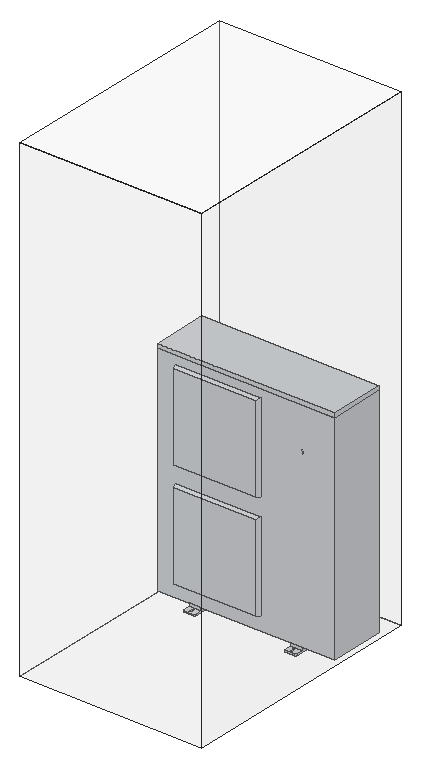
Revit family "pusy-hp80_160mh4_60hz", category 機械設備, Revit 2019
Family settings
  丸型コネクタ寸法 = 直径を使用
  パーツ タイプ = 標準
  OmniClass 番号 = 23.75.10.24.21.27.27
  OmniClass タイトル = Split System Air Conditioning Units
  作業面ベース = いいえ
  常に垂直 = はい
  ロード時にボイドで切り取り = いいえ
  共有 = いいえ
  部屋計算ポイント = いいえ
Parameters (values of type "室外機_PUSY-HP80MH4(-BS,BSG)")
  音響パワーレベル（冷）(dB) = 70
  音響パワーレベル(dB) = 70
  電源種別 = ""
  電源位置Y = 2 mm
  電源位置Z = 1062 mm
  電源位置X = 325 mm
  電圧 = 200 V
  電動機出力_送風機 = 0.12 kW
  電動機出力_圧縮機 = 1.98 kW
  集中コントローラ [instance] = ""
  運転質量 = 0.00 kg
  運転方法 = "冷暖切替"
  質量 = if(製品質量 > 運転質量, 製品質量, 運転質量) * 1.2  # 146.40 kg
  負荷分類 = 1_熱源類
  説明 = "空冷H/P PAC インバータ室外機"
  設計暖房能力 [instance] = 0 kW
  設計冷房能力_顕熱 [instance] = 0 kW
  設計冷房能力 [instance] = 0 kW
  設置方法 = "床置形"
  記号 [instance] = ""
  製造元 = "三菱電機株式会社"
  製品質量 = 122.00 kg
  製品出荷対象 = "国内"
  製品リリース年月 = "2022/9/15"
  製品グループ = ""
  系統 [instance] = ""
  符号 = "PAC"
  積算_科目 = "1 空気調和設備"
  積算_拾い区分 [instance] = ""
  相 = 3
  盤記号 [instance] = ""
  発停方法 = "付属スイッチ"
  特殊仕様 [instance] = ""
  消費電力_暖房 = 2.01 kW
  消費電力_冷房 = 1.81 kW
  消費電力 = if(消費電力_冷房 > 消費電力_暖房, 消費電力_冷房, 消費電力_暖房)  # 2.01 kW
  法定耐用年数 = "6"
  構成品番 = "PUSY-HP80MH4 (-BS,-BSG)"
  極数 = 3
  材質 [instance] = ""
  本体マテリアル = none
  最小電線太さ_mm2 = 5.5
  最大電流値 = 28 A
  暖房能力 = 9 kW
  推奨ブレーカー容量 = 30 A
  据付ピッチ1 = 0 mm
  形式 = "パッケージ形 室外機"
  形名 = PUZ-ZRMP-3 : PUZ-ZRMP112KA11
  幹線記号 [instance] = ""
  始動方式 = "インバータ始動方式"
  呼称 = "パッケージ形空気調和機_室外機"
  周波数 = 60 Hz
  冷媒管（液）位置Z = 485 mm
  冷媒管位置Z_上面 = 565 mm
  冷媒管（ガス）位置Z = 420 mm
  冷媒液管_半径 = (冷媒液管径) / 2  # 4.76 mm
  冷媒ガス管_半径 = (冷媒ガス管径) / 2  # 7.94 mm
  価格 = 0
  ドレン　位置Z = 23 mm
  ドレン　位置Y = 11 mm
  ドレン　位置X = 480 mm
  アンカーボルト位置Y = 370 mm
  アンカーボルト位置X = 600 mm
  参照している仕様書等のバージョン = "公共建築物標準仕様書（機械設備工事編）平成31年度版"
  分類コード = "50053003126100"
  分類グループ = ""
  冷房能力 = 8 kW
  冷媒管（ガス）位置X = 483 mm
  冷媒管（液）位置X = 427 mm
  冷媒管（液）位置Y = 125 mm
  冷媒管（ガス）位置Y = 109 mm
  冷媒管長 [instance] = 0 mm
  冷媒管径符号 = "Bd"
  冷媒管径 = 100.00 mm
  冷媒管位置Z = 420 mm
  冷媒管位置Y = 111 mm
  冷媒管位置X = (冷媒管（液）位置X + 冷媒管（ガス）位置X) / 2  # 455 mm
  冷媒液管径 = 9.52 mm
  冷媒ガス管径 = 15.88 mm
  企業コード = "108420"
  付属品 [instance] = ""
  仕様書バージョン = "Version1.0"
  ユニット数 = 1
  ユニット3 = yes
  ユニット2 = yes
  Model = ""
  ドレン管径 = 33.00 mm
  サービススペース = yes
  コメント [instance] = ""
  ケーブル種類1 = ""
  【値が 0 の項目は組合せ形名にてご確認ください】 = ""
  Width = 1050 mm
  Version = ""
  Uniclass2015Version = "Systems v1.9"
  Uniclass2015Title = "Split coil remote air cooled condensing units"
  Uniclass2015Code = "Pr_70_65_03_84"
  URL = "https://www.mitsubishielectric.co.jp/ldg/wink/ssl/displayProduct.do?pid=321193"
  SpecificationReference = ""
  SpecificationDescription = ""
  Revision = ""
  ProductInformation = ""
  OmniClassCode = "23-33 17 13 11"
  IfcTypeProduct = ""
  IfcProduct = ""
  IfcExportType = "AIRCONDITIONINGUNIT"
  IfcExportAs = "IfcUnitaryEquipmentType"
  Height = 1338 mm
  Depth = 330 mm
  Clearance Top = 1500 mm
  Clearance Right = 15 mm
  Clearance Left = 15 mm
  Clearance Front = 1000 mm
  Clearance Bottom = 0 mm
  Clearance Back = 150 mm
  COP = 0
  Author = "三菱電機株式会社"
  APF = 0
Reference planes
  plane 1 "中心(正面/背面)": y = 74
  plane 2: z = 0
  plane 3 "中心(左/右)": x = 830
  plane 4 "右": x = 1355
  plane 5 "左": x = 305
  plane 6 "背面": y = 239
  plane 7 "正面": y = -91
  plane 8 "上部": z = 1338
  plane 9 "Clearanse Top": z = 2838
  plane 10 "SS_back": y = 389
  plane 11 "SS_front": y = -1091
  plane 12 "SS_left": x = 290
  plane 13 "SS_right": x = 1370
  plane 14: z = 0
  plane 15: y = -89
  plane 16: x = 1155
  plane 17: z = 1062
  plane 18: x = 1285
  plane 19: y = 63
  plane 20: x = 350
  plane 21: z = 25
  plane 22: z = 23
  plane 23: x = 530
  plane 24: x = 1130
  plane 25: y = 259
  plane 26: y = -111
  plane 27: x = 1313
  plane 28: x = 1257
  plane 29 "ガス管": z = 420
  plane 30 "液管": z = 485
  plane 31: y = -51
  plane 32: y = -35
  plane 33 "冷媒管": z = 420
  plane 34: y = -37
  plane 35: z = 565
Forms (mm)
  Extrusion 1, solid, detail levels fine
    sketch origin (0, -91, 0) x (1, 0, 0) y (0, 0, 1)
      loop
        circle (1155, 1062) r 13.5
    from -12 to -2
  Extrusion 2, solid, detail levels fine
    sketch origin (-1437.329, -1524, 54) x (-1, 0, 0) y (0, -1, 0)
      loop
        circle (-1787.329, -1587) r 16.5
    from -31 to -29
  Extrusion 3, solid, detail levels fine
    sketch origin (5, 0, 485) x (-1, 0, 0) y (0, -1, 0)
      loop
        circle (-1252, 51) r 4.76
    from 0 to 80
  Extrusion 4, solid, detail levels fine
    sketch origin (0, 0, 420) x (-1, 0, 0) y (0, -1, 0)
      loop
        circle (-1313, 35) r 7.94
    from 0 to 100
  Extrusion 5, solid, detail levels fine
    sketch origin (0, 0, 420) x (-1, 0, 0) y (0, -1, 0)
      loop
        circle (-1285, 37) r 50
    from 0 to 145
Lines and regions (mm)
  model lines, not visible
    curve 1: line (460, 178.667, 1289.179) -> (460, 297.73, 1289.179)
    curve 2: line (460, 178.667, 1056.056) -> (460, 178.667, 1289.179)
    curve 3: line (460, 297.73, 1056.056) -> (460, 178.667, 1056.056)
    curve 4: line (460, 297.73, 1289.179) -> (460, 297.73, 1056.056)
    curve 5: line (460, 47.598, 1289.179) -> (460, 166.661, 1289.179)
    curve 6: line (460, 47.598, 1056.056) -> (460, 47.598, 1289.179)
    curve 7: line (460, 166.661, 1056.056) -> (460, 47.598, 1056.056)
    curve 8: line (460, 166.661, 1289.179) -> (460, 166.661, 1056.056)
    curve 9: line (460, -83.471, 1289.179) -> (460, 35.592, 1289.179)
    curve 10: line (460, -83.471, 1056.056) -> (460, -83.471, 1289.179)
    curve 11: line (460, 35.592, 1056.056) -> (460, -83.471, 1056.056)
    curve 12: line (460, 35.592, 1289.179) -> (460, 35.592, 1056.056)
    curve 13: line (460, -150.779, 1289.179) -> (460, -95.75, 1289.179)
    curve 14: line (460, -150.779, 1056.056) -> (460, -150.779, 1289.179)
    curve 15: line (460, -95.75, 1056.056) -> (460, -150.779, 1056.056)
    curve 16: line (460, -95.75, 1289.179) -> (460, -95.75, 1056.056)
    curve 17: line (460, -150.779, 1283.175) -> (460, -132.596, 1283.175)
    curve 18: line (460, -150.779, 1062.059) -> (460, -150.779, 1283.175)
    curve 19: line (460, -132.596, 1062.059) -> (460, -150.779, 1062.059)
    curve 20: line (460, -132.596, 1283.175) -> (460, -132.596, 1062.059)
    curve 21: line (460, 178.667, 1046.051) -> (460, 297.73, 1046.051)
    curve 22: line (460, 178.667, 812.928) -> (460, 178.667, 1046.051)
    curve 23: line (460, 297.73, 812.928) -> (460, 178.667, 812.928)
    curve 24: line (460, 297.73, 1046.051) -> (460, 297.73, 812.928)
    curve 25: line (460, 47.598, 1046.051) -> (460, 166.661, 1046.051)
    curve 26: line (460, 47.598, 812.928) -> (460, 47.598, 1046.051)
    curve 27: line (460, 166.661, 812.928) -> (460, 47.598, 812.928)
    curve 28: line (460, 166.661, 1046.051) -> (460, 166.661, 812.928)
    curve 29: line (460, -83.471, 1046.051) -> (460, 35.592, 1046.051)
    curve 30: line (460, -83.471, 812.928) -> (460, -83.471, 1046.051)
    curve 31: line (460, 35.592, 812.928) -> (460, -83.471, 812.928)
    curve 32: line (460, 35.592, 1046.051) -> (460, 35.592, 812.928)
    curve 33: line (460, -150.779, 1046.051) -> (460, -95.75, 1046.051)
    curve 34: line (460, -150.779, 812.928) -> (460, -150.779, 1046.051)
    curve 35: line (460, -95.75, 812.928) -> (460, -150.779, 812.928)
    curve 36: line (460, -95.75, 1046.051) -> (460, -95.75, 812.928)
    curve 37: line (460, -150.779, 1040.048) -> (460, -132.596, 1040.048)
    curve 38: line (460, -150.779, 818.931) -> (460, -150.779, 1040.048)
    curve 39: line (460, -132.596, 818.931) -> (460, -150.779, 818.931)
    curve 40: line (460, -132.596, 1040.048) -> (460, -132.596, 818.931)
    curve 41: line (460, 178.667, 802.923) -> (460, 297.73, 802.923)
    curve 42: line (460, 178.667, 569.8) -> (460, 178.667, 802.923)
    curve 43: line (460, 297.73, 569.8) -> (460, 178.667, 569.8)
    curve 44: line (460, 297.73, 802.923) -> (460, 297.73, 569.8)
    curve 45: line (460, 47.598, 802.923) -> (460, 166.661, 802.923)
    curve 46: line (460, 47.598, 569.8) -> (460, 47.598, 802.923)
    curve 47: line (460, 166.661, 569.8) -> (460, 47.598, 569.8)
    curve 48: line (460, 166.661, 802.923) -> (460, 166.661, 569.8)
    curve 49: line (460, -83.471, 802.923) -> (460, 35.592, 802.923)
    curve 50: line (460, -83.471, 569.8) -> (460, -83.471, 802.923)
    curve 51: line (460, 35.592, 569.8) -> (460, -83.471, 569.8)
    curve 52: line (460, 35.592, 802.923) -> (460, 35.592, 569.8)
    curve 53: line (460, -150.779, 802.923) -> (460, -95.75, 802.923)
    curve 54: line (460, -150.779, 569.8) -> (460, -150.779, 802.923)
    curve 55: line (460, -95.75, 569.8) -> (460, -150.779, 569.8)
    curve 56: line (460, -95.75, 802.923) -> (460, -95.75, 569.8)
    curve 57: line (460, -150.779, 796.92) -> (460, -132.596, 796.92)
    curve 58: line (460, -150.779, 575.803) -> (460, -150.779, 796.92)
    curve 59: line (460, -132.596, 575.803) -> (460, -150.779, 575.803)
    curve 60: line (460, -132.596, 796.92) -> (460, -132.596, 575.803)
    curve 61: line (460, 178.667, 559.795) -> (460, 297.73, 559.795)
    curve 62: line (460, 178.667, 326.672) -> (460, 178.667, 559.795)
    curve 63: line (460, 297.73, 326.672) -> (460, 178.667, 326.672)
    curve 64: line (460, 297.73, 559.795) -> (460, 297.73, 326.672)
    curve 65: line (460, 47.598, 559.795) -> (460, 166.661, 559.795)
    curve 66: line (460, 47.598, 326.672) -> (460, 47.598, 559.795)
    curve 67: line (460, 166.661, 326.672) -> (460, 47.598, 326.672)
    curve 68: line (460, 166.661, 559.795) -> (460, 166.661, 326.672)
    curve 69: line (460, -83.471, 559.795) -> (460, 35.592, 559.795)
    curve 70: line (460, -83.471, 326.672) -> (460, -83.471, 559.795)
    curve 71: line (460, 35.592, 326.672) -> (460, -83.471, 326.672)
    curve 72: line (460, 35.592, 559.795) -> (460, 35.592, 326.672)
    curve 73: line (460, -150.779, 559.795) -> (460, -95.75, 559.795)
    curve 74: line (460, -150.779, 326.672) -> (460, -150.779, 559.795)
    curve 75: line (460, -95.75, 326.672) -> (460, -150.779, 326.672)
    curve 76: line (460, -95.75, 559.795) -> (460, -95.75, 326.672)
    curve 77: line (460, -150.779, 553.792) -> (460, -132.596, 553.792)
    curve 78: line (460, -150.779, 332.675) -> (460, -150.779, 553.792)
    curve 79: line (460, -132.596, 332.675) -> (460, -150.779, 332.675)
    curve 80: line (460, -132.596, 553.792) -> (460, -132.596, 332.675)
    curve 81: line (460, 178.667, 316.667) -> (460, 297.73, 316.667)
    curve 82: line (460, 178.667, 83.544) -> (460, 178.667, 316.667)
    curve 83: line (460, 297.73, 83.544) -> (460, 178.667, 83.544)
    curve 84: line (460, 297.73, 316.667) -> (460, 297.73, 83.544)
    curve 85: line (460, 47.598, 316.667) -> (460, 166.661, 316.667)
    curve 86: line (460, 47.598, 83.544) -> (460, 47.598, 316.667)
    curve 87: line (460, 166.661, 83.544) -> (460, 47.598, 83.544)
    curve 88: line (460, 166.661, 316.667) -> (460, 166.661, 83.544)
    curve 89: line (460, -83.471, 316.667) -> (460, 35.592, 316.667)
    curve 90: line (460, -83.471, 83.544) -> (460, -83.471, 316.667)
    curve 91: line (460, 35.592, 83.544) -> (460, -83.471, 83.544)
    curve 92: line (460, 35.592, 316.667) -> (460, 35.592, 83.544)
    curve 93: line (460, -150.779, 316.667) -> (460, -95.75, 316.667)
    curve 94: line (460, -150.779, 83.544) -> (460, -150.779, 316.667)
    curve 95: line (460, -95.75, 83.544) -> (460, -150.779, 83.544)
    curve 96: line (460, -95.75, 316.667) -> (460, -95.75, 83.544)
    curve 97: line (460, -150.779, 310.664) -> (460, -132.596, 310.664)
    curve 98: line (460, -150.779, 89.547) -> (460, -150.779, 310.664)
    curve 99: line (460, -132.596, 89.547) -> (460, -150.779, 89.547)
    curve 100: line (460, -132.596, 310.664) -> (460, -132.596, 89.547)
Dimensions and locks
  equal spacing: plane 7 "正面", plane 1 "中心(正面/背面)", plane 6 "背面"
  "Depth": plane 7 "正面" to plane 6 "背面"
  "Width": plane 5 "左" to plane 4 "右"
  equal spacing: plane 5 "左", plane 3 "中心(左/右)", plane 4 "右"
  "Clearance Left": plane 12 "SS_left" to plane 5 "左"
  "Clearance Right": plane 4 "右" to plane 13 "SS_right"
  "Clearance Back": plane 6 "背面" to plane 10 "SS_back"
  "Clearance Front": plane 11 "SS_front" to plane 7 "正面"
  "Height": plane 8 "上部" to level
  "Clearance Top": plane 9 "Clearanse Top" to plane 8 "上部"
  "Clearance Bottom": level to plane 14
  "電源位置X": plane 3 "中心(左/右)" to plane 16
  "電源位置Y": plane 7 "正面" to plane 15
  "電源位置Z": plane 17 to level
  locked: plane 21 to plane 22 at 2
  equal spacing: plane 26, plane 1 "中心(正面/背面)", plane 25
  "アンカーボルト位置Y": plane 26 to plane 25
  equal spacing: plane 23, plane 3 "中心(左/右)", plane 24
  "アンカーボルト位置X": plane 23 to plane 24
  "冷媒管（ガス）位置X": nested 1 to plane 27
  "ドレン　位置Y": plane 19 to plane 1 "中心(正面/背面)"
  "ドレン　位置X": plane 20 to nested 1
  plane 25 to nested 2 = 19 mm
  nested 2 to plane 7 "正面" = 25 mm
  plane 5 "左" to plane 23 = 225 mm
  nested 2 to plane 26 = 28 mm
  nested 2 to nested 2 = 417 mm
  plane 7 "正面" to plane 19 = 154 mm
  plane 7 "正面" to plane 31 = 40 mm
  plane 7 "正面" to plane 32 = 56 mm
  plane 28 to plane 18 to plane 27 = 28 mm, 28 mm
  "冷媒管（ガス）位置Y": plane 32 to plane 1 "中心(正面/背面)"
  "冷媒管（液）位置Y": plane 31 to plane 1 "中心(正面/背面)"
  "冷媒管（ガス）位置Z": plane 29 "ガス管" to level
  "冷媒管（液）位置Z": plane 30 "液管" to level
  "冷媒管位置Z": plane 33 "冷媒管" to level
  "冷媒管位置Y": plane 34 to plane 1 "中心(正面/背面)"
  "冷媒管位置Z_上面": plane 35 to level
  "冷媒管（液）位置X": nested 1 to plane 28
  "冷媒管位置X": nested 1 to plane 18
  plane 28 to plane 27 = 56 mm
  radius of Extrusion 1 sketch curve = 13.5 mm
  "ドレン管径": diameter of Extrusion 2 sketch curve
  "冷媒液管_半径": radius of Extrusion 3 sketch curve
  "冷媒ガス管_半径": radius of Extrusion 4 sketch curve
  aligned and locked: level to plane 2
  aligned and locked: plane 10 "SS_back" to nested 1  (x2)
  aligned and locked: plane 13 "SS_right" to nested 1
  aligned and locked: plane 12 "SS_left" to nested 1  (x2)
  aligned and locked: nested 1 to plane 13 "SS_right"
  aligned and locked: plane 11 "SS_front" to nested 1
  aligned and locked: plane 9 "Clearanse Top" to nested 1
  aligned and locked: plane 1 "中心(正面/背面)" to nested 2
  aligned and locked: plane 3 "中心(左/右)" to nested 2
  aligned and locked: plane 14 to nested 1
  aligned and locked: plane 17 to Extrusion 1 sketch curve
  aligned and locked: plane 16 to Extrusion 1 sketch curve
  aligned and locked: plane 15 to Extrusion 1
  aligned and locked: plane 20 to Extrusion 2 sketch curve
  aligned and locked: plane 19 to Extrusion 2 sketch curve
  aligned and locked: plane 21 to Extrusion 2
  aligned and locked: Extrusion 2 to plane 22
  aligned and locked: plane 23 to nested 3
  aligned and locked: plane 25 to nested 3
  aligned and locked: Extrusion 4 to plane 29 "ガス管"
  aligned and locked: Extrusion 3 to plane 30 "液管"
  aligned and locked: Extrusion 5 to plane 33 "冷媒管"
  aligned and locked: plane 35 to Extrusion 5
Automatic sketch dimensions
  Extrusion 5 sketch curve to plane 18 = 0 mm
  plane 34 to Extrusion 5 sketch curve = 0 mm
  Extrusion 3 sketch curve to plane 28 = 0 mm
  plane 31 to Extrusion 3 sketch curve = 0 mm
  Extrusion 4 sketch curve to plane 27 = 0 mm
  plane 32 to Extrusion 4 sketch curve = 0 mm
  radius of Extrusion 5 sketch curve = 50 mm
Nested families
  nested 1: "サービススペース" at (830, -351, 1419), visible <- "サービススペース", type "サービススペース"
    with Width 1080 mm, Height 2838 mm, Depth 1480 mm
  nested 2: "PUZ-ZRMP-3" at (830, 74, 0), type <- "形名", type "PUZ-ZRMP112KA11"
  nested 3: "固定点" at (530, -111, 0), type "固定点"
    with W 600 mm, D 370 mm
Connectors
  electrical at (1155, -89, 1062), driven by "極数", driven by "負荷分類", driven by "電圧", driven by "消費電力"
    settings: on Extrusion 1, index 2, voltage 200 V, apparent load 2010 VA, apparent load phase1 0 VA, apparent load phase2 0 VA, apparent load phase3 0 VA, power factor 1, load classification "1_熱源類", number of poles 3, system type 30, power factor state 1, is connector primary yes, connector utility no, sub classification motor no, connector description ""
  piping at (1285, -37, 420), diameter 100, driven by "冷媒管径"
    settings: on Extrusion 5, index 3, connector inside diameter 609.60 mm, connector length 0 mm, flow factor 0, pipe flow 0.0 L/s, pressure drop 0.0 Pa, fitting loss kfactor 0, connector angle 0.00°, fixture units 0, engagement length 0 mm, angle of deflection 0.00°, flow configuration 1, flow direction 2, fitting loss method 4, system type 7, joint type 0, gender type 0, connector reference index -1, connector utility 0, adjustable connector no, is connector primary yes, connector description "Bd"
Definition of nested family "サービススペース"
  Parameters (values of type "サービススペース")
    Width [instance] = 500 mm
    Height [instance] = 500 mm
    Depth [instance] = 500 mm
  Reference planes
    plane 1 "中心(正面/背面)": y = 0
    plane 2: z = 0
    plane 3 "中心(左/右)": x = 0
    plane 4: y = -250
    plane 5: x = 250
    plane 6: y = 250
    plane 7: x = -250
    plane 8: z = 250
    plane 9: z = -250
  Forms (mm)
    Extrusion 1, solid
      sketch origin (-638.939, 0, 72.39) x (1, 0, 0) y (0, 1, 0)
        loop
          line (388.939, 250) -> (388.939, -250) -> (888.939, -250) -> (888.939, 250) -> (388.939, 250)
      from -322.39 to 177.61
  Lines and regions (mm)
    symbolic lines
      curve 1: line (-250, 0, 250) -> (250, 0, 250)
      curve 2: line (-250, 0, -250) -> (-250, 0, 250)
      curve 3: line (250, 0, -250) -> (-250, 0, -250)
      curve 4: line (250, 0, 250) -> (250, 0, -250)
      curve 5: line (0, -250, 250) -> (0, 250, 250)
      curve 6: line (0, -250, -250) -> (0, -250, 250)
      curve 7: line (0, 250, -250) -> (0, -250, -250)
      curve 8: line (0, 250, 250) -> (0, 250, -250)
      curve 9: line (-250, 250, 0) -> (250, 250, 0)
      curve 10: line (-250, -250, 0) -> (-250, 250, 0)
      curve 11: line (250, -250, 0) -> (-250, -250, 0)
      curve 12: line (250, 250, 0) -> (250, -250, 0)
  Dimensions and locks
    equal spacing: plane 7, plane 3 "中心(左/右)", plane 5
    equal spacing: plane 4, plane 1 "中心(正面/背面)", plane 6
    "Depth": plane 4 to plane 6
    "Width": plane 7 to plane 5
    equal spacing: plane 8, plane 2, plane 9
    "Height": plane 8 to plane 9
    aligned and locked: plane 9 to curve 3
    aligned and locked: plane 7 to curve 2
    aligned and locked: curve 4 to plane 5
    aligned and locked: plane 5 to Extrusion 1
    aligned and locked: Extrusion 1 to plane 7
    aligned and locked: Extrusion 1 to plane 9
    aligned and locked: plane 8 to Extrusion 1
    aligned and locked: plane 9 to curve 7
  Automatic sketch dimensions
    plane 4 to Extrusion 1 sketch curve = 0 mm
    Extrusion 1 sketch curve to plane 7 = 0 mm
    Extrusion 1 sketch curve to plane 5 = 0 mm
    plane 6 to Extrusion 1 sketch curve = 0 mm
    curve 2 to plane 8 = 0 mm
    plane 4 to curve 11 = 0 mm
    curve 11 to plane 7 = 0 mm
    curve 11 to plane 5 = 0 mm
    plane 6 to curve 10 = 0 mm
    curve 7 to plane 4 = 0 mm
    curve 7 to plane 6 = 0 mm
    curve 6 to plane 8 = 0 mm
Definition of nested family "PUZ-ZRMP-3"
  Parameters (values of type "PUZ-ZRMP112KA11")
    配線取出口サイズ = 27 mm
    配線取出口-Z = 1063 mm
    配線取出口-Y = 325 mm
    配線取出口-X = 325 mm
    液配管サイズ = 100 mm
    高さ = 1338 mm
    換気-W = 362 mm
    換気-H2 = 632 mm
    換気-H1 = 369 mm
    換気-D = 25 mm
    奥行き = 330 mm
    吊りボルト_H = 0 mm
    吊りボルト-φ = 12 mm
    冷媒配管サイズ = 9.52 mm
    冷媒液管径-Z = 485 mm
    冷媒液管径-Y = 290 mm
    冷媒液管径-X = 422 mm
    冷媒ガス管径-Z = 420 mm
    冷媒ガス管径-Y = 234 mm
    冷媒ガス管径-X = 483 mm
    吊りボルト-W = 600 mm
    マテリアル = none
    ドレン配管サイズ = 33 mm
    ドレン管径-Z = 0 mm
    ドレン管径-Y = 154 mm
    ドレン管径-X = 480 mm
    タイプ3 = yes
    タイプ2 = no
    タイプ1 = no
    ガス配管サイズ = 15.88 mm
    吊りボルト-D = 370 mm
    幅さ = 1050 mm
    a = 幅さ / 2  # 525 mm
  Types (3, lengths in mm): name | 冷媒配管サイズ | 冷媒液管径-Z | 冷媒液管径-X | 冷媒ガス管径-Z | 冷媒ガス管径-Y | 冷媒ガス管径-X | ガス配管サイズ
    PUZ-ZRMP112KA11 | 9.52 | 485 | 422 | 420 | 234 | 483 | 15.88
    PUZ-ZRMP224KA | 19.05 | 450 | 423 | 337 | 236 | 479 | 25.4
    PUZ-ZRMP280KA | 19.05 | 424 | 423 | 337 | 236 | 479 | 25.4
  Reference planes
    plane 1 "中心(正面/背面)": y = 0
    plane 2: z = 0
    plane 3 "中心(左/右)": x = 0
    plane 4: z = 1338
    plane 5: x = -525
    plane 6: x = 525
    plane 7: y = 165
    plane 8: y = -165
    plane 9: x = 587
    plane 10: y = -105
    plane 11: y = 5
    plane 12: z = 1313
    plane 13: x = -545
    plane 14: x = -300
    plane 15: x = 300
    plane 16: y = 185
    plane 17: y = -185
    plane 18: x = 335
    plane 19: x = 265
    plane 20: x = -265
    plane 21: x = -335
    plane 22: y = 204
    plane 23: z = 8.5
    plane 24: z = 25
    plane 25: z = 23
    plane 26: z = 1333
    plane 27: y = -40
    plane 28: y = 40
    plane 29: y = -30
    plane 30: y = 30
    plane 31: z = 1318
    plane 32: z = 55
    plane 33: z = 225
    plane 34: z = 570
    plane 35: x = 535
    plane 36: x = 556
    plane 37: y = -190
    plane 38: x = -163
    plane 39: z = 369
    plane 40: x = 91
    plane 41: x = -417
    plane 42: z = 633
    plane 43: z = 105
    plane 44: x = -407
    plane 45: x = 81
    plane 46: z = 623
    plane 47: z = 115
    plane 48: y = 115
    plane 49: y = -115
    plane 50: x = -480
    plane 51: y = -11
    plane 52: x = 325
    plane 53: y = -160
    plane 54: y = -125
    plane 55: y = -69
    plane 56: z = 1063
    plane 57: y = -110
    plane 58: y = -97
    plane 59 "グループ": x = -525
    plane 60: z = 1338
    plane 61: z = 943
    plane 62: z = 1001
    plane 63: z = 1265
    plane 64: z = 737
    plane 65: z = 1255
    plane 66: z = 747
    plane 67: y = 125
    plane 68: x = -370
    plane 69: x = -210
    plane 70: x = -50
    plane 71: x = 110
    plane 72: y = -213
  Forms (mm)
    Extrusion 1, solid, visible <- "タイプ3", detail levels fine
      sketch origin (-1437.329, -1524, 1338) x (-1, 0, 0) y (0, -1, 0)
        loop
          line (-1102.329, -1689) -> (-1102.329, -1359) -> (-1172.329, -1359) -> (-1172.329, -1689) -> (-1102.329, -1689)
        loop
          line (-1702.329, -1689) -> (-1702.329, -1359) -> (-1772.329, -1359) -> (-1772.329, -1689) -> (-1702.329, -1689)
      from -1338 to -1313
    Extrusion 2, solid, material <- "マテリアル", visible <- "タイプ3", detail levels fine
      sketch origin (-1437.329, -1524, 1338) x (-1, 0, 0) y (0, -1, 0)
        loop
          line (-1962.329, -1689) -> (-912.329, -1689) -> (-912.329, -1359) -> (-1962.329, -1359) -> (-1962.329, -1689)
      from -1313 to -25
    Extrusion 3, solid, material <- "マテリアル", visible <- "タイプ3", detail levels fine
      sketch origin (-1437.329, -1524, 1338) x (-1, 0, 0) y (0, -1, 0)
        loop
          line (-912.329, -1689) -> (-912.329, -1359) -> (-1962.329, -1359) -> (-1962.329, -1689) -> (-912.329, -1689)
      from -25 to 0
    Blend 4, solid, material <- "マテリアル", visible <- "タイプ3", detail levels fine
      base sketch origin (0, 0, 0) x (1, 0, 0) y (0, 0, 1)
        loop
          line (-417, 633) -> (-417, 105) -> (91, 105) -> (91, 633) -> (-417, 633)
      top sketch origin (0, 0, 0) x (1, 0, 0) y (0, 0, 1)
        loop
          line (-407, 623) -> (-407, 115) -> (81, 115) -> (81, 623) -> (-407, 623)
      from 165 to 190
    Blend 5, solid, material <- "マテリアル", visible <- "タイプ3", detail levels fine
      base sketch origin (1480.036, -190, 1200) x (1, 0, 0) y (0, 0, 1)
        loop
          line (-1897.036, 65) -> (-1897.036, -463) -> (-1389.036, -463) -> (-1389.036, 65) -> (-1897.036, 65)
      top sketch origin (1480.036, -190, 1200) x (1, 0, 0) y (0, 0, 1)
        loop
          line (-1887.036, 55) -> (-1887.036, -453) -> (-1399.036, -453) -> (-1399.036, 55) -> (-1887.036, 55)
      from -25 to 0
    Extrusion 6, solid, visible <- "タイプ3", detail levels fine
      sketch origin (-1437.329, -1524, 1338) x (-1, 0, 0) y (0, -1, 0)
        loop
          line (-1102.329, -1728) -> (-1102.329, -1689) -> (-1172.329, -1689) -> (-1172.329, -1728) -> (-1143.329, -1728) -> (-1143.329, -1709)
          arc (-1143.329, -1709) -> (-1137.329, -1703) -> (-1131.329, -1709) r 6
          line (-1131.329, -1709) -> (-1131.329, -1728) -> (-1102.329, -1728)
        loop
          line (-1102.329, -1359) -> (-1102.329, -1316)
          arc (-1102.329, -1316) -> (-1103.794, -1312.464) -> (-1107.329, -1311) r 5
          line (-1107.329, -1311) -> (-1167.329, -1311)
          arc (-1167.329, -1311) -> (-1170.865, -1312.464) -> (-1172.329, -1316) r 5
          line (-1172.329, -1316) -> (-1172.329, -1359) -> (-1102.329, -1359)
        loop
          arc (-1143.329, -1339) -> (-1137.329, -1345) -> (-1131.329, -1339) r 6
          line (-1131.329, -1339) -> (-1131.329, -1324)
          arc (-1131.329, -1324) -> (-1137.329, -1318) -> (-1143.329, -1324) r 6
          line (-1143.329, -1324) -> (-1143.329, -1339)
        loop
          line (-1772.329, -1728) -> (-1743.329, -1728) -> (-1743.329, -1709)
          arc (-1743.329, -1709) -> (-1737.329, -1703) -> (-1731.329, -1709) r 6
          line (-1731.329, -1709) -> (-1731.329, -1728) -> (-1702.329, -1728) -> (-1702.329, -1689) -> (-1772.329, -1689) -> (-1772.329, -1728)
        loop
          line (-1772.329, -1359) -> (-1702.329, -1359) -> (-1702.329, -1316)
          arc (-1702.329, -1316) -> (-1703.794, -1312.464) -> (-1707.329, -1311) r 5
          line (-1707.329, -1311) -> (-1767.329, -1311)
          arc (-1767.329, -1311) -> (-1770.865, -1312.464) -> (-1772.329, -1316) r 5
          line (-1772.329, -1316) -> (-1772.329, -1359)
        loop
          line (-1731.329, -1339) -> (-1731.329, -1324)
          arc (-1731.329, -1324) -> (-1737.329, -1318) -> (-1743.329, -1324) r 6
          line (-1743.329, -1324) -> (-1743.329, -1339)
          arc (-1743.329, -1339) -> (-1737.329, -1345) -> (-1731.329, -1339) r 6
      from -1338 to -1329.5
    Extrusion 7, solid, material <- "マテリアル", visible <- "タイプ3", detail levels fine
      sketch origin (-1437.329, -1524, 1338) x (-1, 0, 0) y (0, -1, 0)
        loop
          circle (-957.329, -1513) r 16.5
        loop
          circle (-1067.329, -1649) r 16.5
        loop
          circle (-1227.329, -1649) r 16.5
        loop
          circle (-1387.329, -1649) r 16.5
        loop
          circle (-1547.329, -1649) r 16.5
      from -1315 to -1313
  Cuts and joins
    joined: Extrusion 1, Extrusion 6
  Lines and regions (mm)
    Masking region 1, visible <- "タイプ3", detail levels coarse+medium
      outline origin (-1437.329, -1524, 1338) x (-1, 0, 0) y (0, -1, 0)
        loop
          line (-1962.329, -1689) -> (-1772.329, -1689) -> (-1772.329, -1728) -> (-1702.329, -1728) -> (-1702.329, -1689) -> (-1172.329, -1689) -> (-1172.329, -1728) -> (-1102.329, -1728) -> (-1102.329, -1689) -> (-912.329, -1689) -> (-912.329, -1359) -> (-1020.329, -1359) -> (-1030.329, -1334) -> (-1102.329, -1334) -> (-1102.329, -1311) -> (-1172.329, -1311) -> (-1172.329, -1334) -> (-1518.329, -1334) -> (-1528.329, -1359) -> (-1702.329, -1359) -> (-1702.329, -1311) -> (-1772.329, -1311) -> (-1772.329, -1359) -> (-1962.329, -1359) -> (-1962.329, -1689)
    model lines, visible <- "タイプ3", detail levels fine
      curve 1: line (446.5, 115, 1338) -> (-445, 115, 1338)
      curve 2: line (-445, -115, 1338) -> (446.5, -115, 1338)
      curve 3: line (-445, -45, 1338) -> (446.5, -45, 1338)
      curve 4: line (446.5, 45, 1338) -> (-445, 45, 1338)
      curve 5: line (-445, -35, 1338) -> (446.5, -35, 1338)
      curve 6: line (446.5, 35, 1338) -> (-445, 35, 1338)
      curve 7: line (-445, 115, 1338) -> (-445, 45, 1338)
      curve 8: line (446.5, -115, 1338) -> (446.5, -45, 1338)
      curve 9: line (-445, 35, 1338) -> (-445, -35, 1338)
      curve 10: line (-445, -45, 1338) -> (-445, -115, 1338)
      curve 11: line (446.5, -35, 1338) -> (446.5, 35, 1338)
      curve 12: line (446.5, 45, 1338) -> (446.5, 115, 1338)
      curve 13: line (479, -115, 1338) -> (479, 115, 1338)
      curve 14: line (461.5, -115, 1338) -> (461.5, 115, 1338)
      curve 15: line (-475, 115, 1338) -> (-475, -115, 1338)
      curve 16: line (-460, 115, 1338) -> (-460, -115, 1338)
      curve 17: line (-460, 115, 1338) -> (-475, 115, 1338)
      curve 18: line (-460, -115, 1338) -> (-475, -115, 1338)
      curve 19: line (461.5, 115, 1338) -> (479, 115, 1338)
      curve 20: line (461.5, -115, 1338) -> (479, -115, 1338)
      curve 21: line (-407, -190, 416.5) -> (81, -190, 416.5)
      curve 22: line (81, -190, 321.5) -> (-407, -190, 321.5)
      curve 23: line (-407, -190, 511.5) -> (81, -190, 511.5)
      curve 24: line (-407, -190, 606.5) -> (81, -190, 606.5)
      curve 25: line (81, -190, 226.5) -> (-407, -190, 226.5)
      curve 26: line (81, -190, 131.5) -> (-407, -190, 131.5)
      curve 27: line (-389.571, -190, 623) -> (-389.571, -190, 115)
      curve 28: line (63.571, -190, 115) -> (63.571, -190, 623)
      curve 29: line (-372.143, -190, 623) -> (-372.143, -190, 115)
      curve 30: line (-354.714, -190, 623) -> (-354.714, -190, 115)
      curve 31: line (-337.286, -190, 623) -> (-337.286, -190, 115)
      curve 32: line (-319.857, -190, 623) -> (-319.857, -190, 115)
      curve 33: line (-302.429, -190, 623) -> (-302.429, -190, 115)
      curve 34: line (-285, -190, 623) -> (-285, -190, 115)
      curve 35: line (-267.571, -190, 623) -> (-267.571, -190, 115)
      curve 36: line (-250.143, -190, 623) -> (-250.143, -190, 115)
      curve 37: line (-232.714, -190, 623) -> (-232.714, -190, 115)
      curve 38: line (-215.286, -190, 623) -> (-215.286, -190, 115)
      curve 39: line (-197.857, -190, 623) -> (-197.857, -190, 115)
      curve 40: line (-180.429, -190, 623) -> (-180.429, -190, 115)
      curve 41: line (-163, -190, 623) -> (-163, -190, 115)
      curve 42: line (-145.571, -190, 623) -> (-145.571, -190, 115)
      curve 43: line (-128.143, -190, 623) -> (-128.143, -190, 115)
      curve 44: line (-110.714, -190, 623) -> (-110.714, -190, 115)
      curve 45: line (-93.286, -190, 623) -> (-93.286, -190, 115)
      curve 46: line (-75.857, -190, 623) -> (-75.857, -190, 115)
      curve 47: line (-58.429, -190, 623) -> (-58.429, -190, 115)
      curve 48: line (-41, -190, 623) -> (-41, -190, 115)
      curve 49: line (-23.571, -190, 623) -> (-23.571, -190, 115)
      curve 50: line (-6.143, -190, 623) -> (-6.143, -190, 115)
      curve 51: line (11.286, -190, 623) -> (11.286, -190, 115)
      curve 52: line (28.714, -190, 623) -> (28.714, -190, 115)
      curve 53: line (46.143, -190, 623) -> (46.143, -190, 115)
      curve 54: line (-525, -100, 87) -> (-525, -60, 87)
      curve 55: line (-525, -100, 277) -> (-525, -100, 87)
      curve 56: line (-525, -60, 277) -> (-525, -100, 277)
      curve 57: line (-525, -60, 87) -> (-525, -60, 277)
      curve 58: line (-525, -100, 292) -> (-525, -60, 292)
      curve 59: line (-525, -100, 482) -> (-525, -100, 292)
      curve 60: line (-525, -60, 482) -> (-525, -100, 482)
      curve 61: line (-525, -60, 292) -> (-525, -60, 482)
      curve 62: line (-525, -100, 497) -> (-525, -60, 497)
      curve 63: line (-525, -100, 687) -> (-525, -100, 497)
      curve 64: line (-525, -60, 687) -> (-525, -100, 687)
      curve 65: line (-525, -60, 497) -> (-525, -60, 687)
      curve 66: line (-525, -100, 702) -> (-525, -60, 702)
      curve 67: line (-525, -100, 892) -> (-525, -100, 702)
      curve 68: line (-525, -60, 892) -> (-525, -100, 892)
      curve 69: line (-525, -60, 702) -> (-525, -60, 892)
      curve 70: line (-525, 60, 87) -> (-525, 100, 87)
      curve 71: line (-525, 60, 277) -> (-525, 60, 87)
      curve 72: line (-525, 100, 277) -> (-525, 60, 277)
      curve 73: line (-525, 100, 87) -> (-525, 100, 277)
      curve 74: line (-525, -46.667, 87) -> (-525, -6.667, 87)
      curve 75: line (-525, -46.667, 277) -> (-525, -46.667, 87)
      curve 76: line (-525, -6.667, 277) -> (-525, -46.667, 277)
      curve 77: line (-525, -6.667, 87) -> (-525, -6.667, 277)
      curve 78: line (-525, 6.667, 87) -> (-525, 46.667, 87)
      curve 79: line (-525, 6.667, 277) -> (-525, 6.667, 87)
      curve 80: line (-525, 46.667, 277) -> (-525, 6.667, 277)
      curve 81: line (-525, 46.667, 87) -> (-525, 46.667, 277)
      curve 82: line (-525, 60, 292) -> (-525, 100, 292)
      curve 83: line (-525, 60, 482) -> (-525, 60, 292)
      curve 84: line (-525, 100, 482) -> (-525, 60, 482)
      curve 85: line (-525, 100, 292) -> (-525, 100, 482)
      curve 86: line (-525, 60, 702) -> (-525, 100, 702)
      curve 87: line (-525, 60, 892) -> (-525, 60, 702)
      curve 88: line (-525, 100, 892) -> (-525, 60, 892)
      curve 89: line (-525, 100, 702) -> (-525, 100, 892)
      curve 90: line (-525, -46.667, 292) -> (-525, -6.667, 292)
      curve 91: line (-525, -46.667, 482) -> (-525, -46.667, 292)
      curve 92: line (-525, -6.667, 482) -> (-525, -46.667, 482)
      curve 93: line (-525, -6.667, 292) -> (-525, -6.667, 482)
      curve 94: line (-525, -46.667, 497) -> (-525, -6.667, 497)
      curve 95: line (-525, -46.667, 687) -> (-525, -46.667, 497)
      curve 96: line (-525, -6.667, 687) -> (-525, -46.667, 687)
      curve 97: line (-525, -6.667, 497) -> (-525, -6.667, 687)
      curve 98: line (-525, -46.667, 702) -> (-525, -6.667, 702)
      curve 99: line (-525, -46.667, 892) -> (-525, -46.667, 702)
      curve 100: line (-525, -6.667, 892) -> (-525, -46.667, 892)
      curve 101: line (-525, -6.667, 702) -> (-525, -6.667, 892)
      curve 102: line (-525, 6.667, 292) -> (-525, 46.667, 292)
      curve 103: line (-525, 6.667, 482) -> (-525, 6.667, 292)
      curve 104: line (-525, 46.667, 482) -> (-525, 6.667, 482)
      curve 105: line (-525, 46.667, 292) -> (-525, 46.667, 482)
      curve 106: line (-525, 6.667, 497) -> (-525, 46.667, 497)
      curve 107: line (-525, 6.667, 687) -> (-525, 6.667, 497)
      curve 108: line (-525, 46.667, 687) -> (-525, 6.667, 687)
      curve 109: line (-525, 46.667, 497) -> (-525, 46.667, 687)
      curve 110: line (-525, 6.667, 702) -> (-525, 46.667, 702)
      curve 111: line (-525, 6.667, 892) -> (-525, 6.667, 702)
      curve 112: line (-525, 46.667, 892) -> (-525, 6.667, 892)
      curve 113: line (-525, 46.667, 702) -> (-525, 46.667, 892)
      curve 114: line (-525, -100, 907) -> (-525, -60, 907)
      curve 115: line (-525, -100, 1097) -> (-525, -100, 907)
      curve 116: line (-525, -60, 1097) -> (-525, -100, 1097)
      curve 117: line (-525, -60, 907) -> (-525, -60, 1097)
      curve 118: line (-525, 60, 907) -> (-525, 100, 907)
      curve 119: line (-525, 60, 1097) -> (-525, 60, 907)
      curve 120: line (-525, 100, 1097) -> (-525, 60, 1097)
      curve 121: line (-525, 100, 907) -> (-525, 100, 1097)
      curve 122: line (-525, -46.667, 907) -> (-525, -6.667, 907)
      curve 123: line (-525, -46.667, 1097) -> (-525, -46.667, 907)
      curve 124: line (-525, -6.667, 1097) -> (-525, -46.667, 1097)
      curve 125: line (-525, -6.667, 907) -> (-525, -6.667, 1097)
      curve 126: line (-525, 6.667, 907) -> (-525, 46.667, 907)
      curve 127: line (-525, 6.667, 1097) -> (-525, 6.667, 907)
      curve 128: line (-525, 46.667, 1097) -> (-525, 6.667, 1097)
      curve 129: line (-525, 46.667, 907) -> (-525, 46.667, 1097)
      curve 130: line (-525, -100, 1112) -> (-525, -60, 1112)
      curve 131: line (-525, -100, 1302) -> (-525, -100, 1112)
      curve 132: line (-525, -60, 1302) -> (-525, -100, 1302)
      curve 133: line (-525, -60, 1112) -> (-525, -60, 1302)
      curve 134: line (-525, 60, 1112) -> (-525, 100, 1112)
      curve 135: line (-525, 60, 1302) -> (-525, 60, 1112)
      curve 136: line (-525, 100, 1302) -> (-525, 60, 1302)
      curve 137: line (-525, 100, 1112) -> (-525, 100, 1302)
      curve 138: line (-525, -46.667, 1112) -> (-525, -6.667, 1112)
      curve 139: line (-525, -46.667, 1302) -> (-525, -46.667, 1112)
      curve 140: line (-525, -6.667, 1302) -> (-525, -46.667, 1302)
      curve 141: line (-525, -6.667, 1112) -> (-525, -6.667, 1302)
      curve 142: line (-525, 6.667, 1112) -> (-525, 46.667, 1112)
      curve 143: line (-525, 6.667, 1302) -> (-525, 6.667, 1112)
      curve 144: line (-525, 46.667, 1302) -> (-525, 6.667, 1302)
      curve 145: line (-525, 46.667, 1112) -> (-525, 46.667, 1302)
      curve 303: line (81, -190, 1238.5) -> (-407, -190, 1238.5)
      curve 304: line (-407, -190, 763.5) -> (81, -190, 763.5)
      curve 305: line (-389.571, -190, 1255) -> (-389.571, -190, 747)
      curve 306: line (81, -190, 858.5) -> (-407, -190, 858.5)
      curve 307: line (81, -190, 1143.5) -> (-407, -190, 1143.5)
      curve 308: line (81, -190, 1048.5) -> (-407, -190, 1048.5)
      curve 309: line (-407, -190, 953.5) -> (81, -190, 953.5)
      curve 310: line (-372.143, -190, 1255) -> (-372.143, -190, 747)
      curve 311: line (-354.714, -190, 1255) -> (-354.714, -190, 747)
      curve 312: line (-337.286, -190, 1255) -> (-337.286, -190, 747)
      curve 313: line (-319.857, -190, 1255) -> (-319.857, -190, 747)
      curve 314: line (-302.429, -190, 1255) -> (-302.429, -190, 747)
      curve 315: line (-285, -190, 1255) -> (-285, -190, 747)
      curve 316: line (-267.571, -190, 1255) -> (-267.571, -190, 747)
      curve 317: line (-250.143, -190, 1255) -> (-250.143, -190, 747)
      curve 318: line (-232.714, -190, 1255) -> (-232.714, -190, 747)
      curve 319: line (-215.286, -190, 1255) -> (-215.286, -190, 747)
      curve 320: line (-197.857, -190, 1255) -> (-197.857, -190, 747)
      curve 321: line (-180.429, -190, 1255) -> (-180.429, -190, 747)
      curve 322: line (-163, -190, 1255) -> (-163, -190, 747)
      curve 323: line (-145.571, -190, 1255) -> (-145.571, -190, 747)
      curve 324: line (-128.143, -190, 1255) -> (-128.143, -190, 747)
      curve 325: line (-110.714, -190, 1255) -> (-110.714, -190, 747)
      curve 326: line (-93.286, -190, 1255) -> (-93.286, -190, 747)
      curve 327: line (-75.857, -190, 1255) -> (-75.857, -190, 747)
      curve 328: line (-58.429, -190, 1255) -> (-58.429, -190, 747)
      curve 329: line (-41, -190, 1255) -> (-41, -190, 747)
      curve 330: line (-23.571, -190, 1255) -> (-23.571, -190, 747)
      curve 331: line (-6.143, -190, 1255) -> (-6.143, -190, 747)
      curve 332: line (11.286, -190, 1255) -> (11.286, -190, 747)
      curve 333: line (28.714, -190, 1255) -> (28.714, -190, 747)
      curve 334: line (46.143, -190, 1255) -> (46.143, -190, 747)
      curve 335: line (63.571, -190, 1255) -> (63.571, -190, 747)
    model lines, visible <- "タイプ3", not visible, detail levels fine
      curve 146: line (-525, -100, 907) -> (-525, -60, 907)
      curve 147: line (-525, -100, 1097) -> (-525, -100, 907)
      curve 148: line (-525, -60, 1097) -> (-525, -100, 1097)
      curve 149: line (-525, -60, 907) -> (-525, -60, 1097)
      curve 150: line (-525, 60, 907) -> (-525, 100, 907)
      curve 151: line (-525, 60, 1097) -> (-525, 60, 907)
      curve 152: line (-525, 100, 1097) -> (-525, 60, 1097)
      curve 153: line (-525, 100, 907) -> (-525, 100, 1097)
      curve 154: line (-525, -46.667, 907) -> (-525, -6.667, 907)
      curve 155: line (-525, -46.667, 1097) -> (-525, -46.667, 907)
      curve 156: line (-525, -6.667, 1097) -> (-525, -46.667, 1097)
      curve 157: line (-525, -6.667, 907) -> (-525, -6.667, 1097)
      curve 158: line (-525, 6.667, 907) -> (-525, 46.667, 907)
      curve 159: line (-525, 6.667, 1097) -> (-525, 6.667, 907)
      curve 160: line (-525, 46.667, 1097) -> (-525, 6.667, 1097)
      curve 161: line (-525, 46.667, 907) -> (-525, 46.667, 1097)
      curve 162: line (-525, -100, 1112) -> (-525, -60, 1112)
      curve 163: line (-525, -100, 1302) -> (-525, -100, 1112)
      curve 164: line (-525, -60, 1302) -> (-525, -100, 1302)
      curve 165: line (-525, -60, 1112) -> (-525, -60, 1302)
      curve 166: line (-525, 60, 1112) -> (-525, 100, 1112)
      curve 167: line (-525, 60, 1302) -> (-525, 60, 1112)
      curve 168: line (-525, 100, 1302) -> (-525, 60, 1302)
      curve 169: line (-525, 100, 1112) -> (-525, 100, 1302)
      curve 170: line (-525, -46.667, 1112) -> (-525, -6.667, 1112)
      curve 171: line (-525, -46.667, 1302) -> (-525, -46.667, 1112)
      curve 172: line (-525, -6.667, 1302) -> (-525, -46.667, 1302)
      curve 173: line (-525, -6.667, 1112) -> (-525, -6.667, 1302)
      curve 174: line (-525, 6.667, 1112) -> (-525, 46.667, 1112)
      curve 175: line (-525, 6.667, 1302) -> (-525, 6.667, 1112)
      curve 176: line (-525, 46.667, 1302) -> (-525, 6.667, 1302)
      curve 177: line (-525, 46.667, 1112) -> (-525, 46.667, 1302)
      curve 194: line (-525, -100, 87) -> (-525, -60, 87)
      curve 195: line (-525, -100, 277) -> (-525, -100, 87)
      curve 196: line (-525, -60, 277) -> (-525, -100, 277)
      curve 197: line (-525, -60, 87) -> (-525, -60, 277)
      curve 198: line (-525, -100, 292) -> (-525, -60, 292)
      curve 199: line (-525, -100, 482) -> (-525, -100, 292)
      curve 200: line (-525, -60, 482) -> (-525, -100, 482)
      curve 201: line (-525, -60, 292) -> (-525, -60, 482)
      curve 202: line (-525, -100, 497) -> (-525, -60, 497)
      curve 203: line (-525, -100, 687) -> (-525, -100, 497)
      curve 204: line (-525, -60, 687) -> (-525, -100, 687)
      curve 205: line (-525, -60, 497) -> (-525, -60, 687)
      curve 206: line (-525, -100, 702) -> (-525, -60, 702)
      curve 207: line (-525, -100, 892) -> (-525, -100, 702)
      curve 208: line (-525, -60, 892) -> (-525, -100, 892)
      curve 209: line (-525, -60, 702) -> (-525, -60, 892)
      curve 210: line (-525, 60, 87) -> (-525, 100, 87)
      curve 211: line (-525, 60, 277) -> (-525, 60, 87)
      curve 212: line (-525, 100, 277) -> (-525, 60, 277)
      curve 213: line (-525, 100, 87) -> (-525, 100, 277)
      curve 214: line (-525, -46.667, 87) -> (-525, -6.667, 87)
      curve 215: line (-525, -46.667, 277) -> (-525, -46.667, 87)
      curve 216: line (-525, -6.667, 277) -> (-525, -46.667, 277)
      curve 217: line (-525, -6.667, 87) -> (-525, -6.667, 277)
      curve 218: line (-525, 6.667, 87) -> (-525, 46.667, 87)
      curve 219: line (-525, 6.667, 277) -> (-525, 6.667, 87)
      curve 220: line (-525, 46.667, 277) -> (-525, 6.667, 277)
      curve 221: line (-525, 46.667, 87) -> (-525, 46.667, 277)
      curve 222: line (-525, 60, 292) -> (-525, 100, 292)
      curve 223: line (-525, 60, 482) -> (-525, 60, 292)
      curve 224: line (-525, 100, 482) -> (-525, 60, 482)
      curve 225: line (-525, 100, 292) -> (-525, 100, 482)
      curve 226: line (-525, 60, 702) -> (-525, 100, 702)
      curve 227: line (-525, 60, 892) -> (-525, 60, 702)
      curve 228: line (-525, 100, 892) -> (-525, 60, 892)
      curve 229: line (-525, 100, 702) -> (-525, 100, 892)
      curve 230: line (-525, -46.667, 292) -> (-525, -6.667, 292)
      curve 231: line (-525, -46.667, 482) -> (-525, -46.667, 292)
      curve 232: line (-525, -6.667, 482) -> (-525, -46.667, 482)
      curve 233: line (-525, -6.667, 292) -> (-525, -6.667, 482)
      curve 234: line (-525, -46.667, 497) -> (-525, -6.667, 497)
      curve 235: line (-525, -46.667, 687) -> (-525, -46.667, 497)
      curve 236: line (-525, -6.667, 687) -> (-525, -46.667, 687)
      curve 237: line (-525, -6.667, 497) -> (-525, -6.667, 687)
      curve 238: line (-525, -46.667, 702) -> (-525, -6.667, 702)
      curve 239: line (-525, -46.667, 892) -> (-525, -46.667, 702)
      curve 240: line (-525, -6.667, 892) -> (-525, -46.667, 892)
      curve 241: line (-525, -6.667, 702) -> (-525, -6.667, 892)
      curve 242: line (-525, 6.667, 292) -> (-525, 46.667, 292)
      curve 243: line (-525, 6.667, 482) -> (-525, 6.667, 292)
      curve 244: line (-525, 46.667, 482) -> (-525, 6.667, 482)
      curve 245: line (-525, 46.667, 292) -> (-525, 46.667, 482)
      curve 246: line (-525, 6.667, 497) -> (-525, 46.667, 497)
      curve 247: line (-525, 6.667, 687) -> (-525, 6.667, 497)
      curve 248: line (-525, 46.667, 687) -> (-525, 6.667, 687)
      curve 249: line (-525, 46.667, 497) -> (-525, 46.667, 687)
      curve 250: line (-525, 6.667, 702) -> (-525, 46.667, 702)
      curve 251: line (-525, 6.667, 892) -> (-525, 6.667, 702)
      curve 252: line (-525, 46.667, 892) -> (-525, 6.667, 892)
      curve 253: line (-525, 46.667, 702) -> (-525, 46.667, 892)
    model lines, visible <- "タイプ2", not visible
      curve 178: line (-600, -100, 33.5) -> (-600, -60, 33.5)
      curve 179: line (-600, -100, 73.5) -> (-600, -100, 33.5)
      curve 180: line (-600, -60, 73.5) -> (-600, -100, 73.5)
      curve 181: line (-600, -60, 33.5) -> (-600, -60, 73.5)
      curve 182: line (-600, 60, 33.5) -> (-600, 100, 33.5)
      curve 183: line (-600, 60, 73.5) -> (-600, 60, 33.5)
      curve 184: line (-600, 100, 73.5) -> (-600, 60, 73.5)
      curve 185: line (-600, 100, 33.5) -> (-600, 100, 73.5)
      curve 186: line (-509, -46.667, 33.5) -> (-509, -6.667, 33.5)
      curve 187: line (-509, -46.667, 73.5) -> (-509, -46.667, 33.5)
      curve 188: line (-509, -6.667, 73.5) -> (-509, -46.667, 73.5)
      curve 189: line (-509, -6.667, 33.5) -> (-509, -6.667, 73.5)
      curve 190: line (-509, 6.667, 33.5) -> (-509, 46.667, 33.5)
      curve 191: line (-509, 6.667, 73.5) -> (-509, 6.667, 33.5)
      curve 192: line (-509, 46.667, 73.5) -> (-509, 6.667, 73.5)
      curve 193: line (-509, 46.667, 33.5) -> (-509, 46.667, 73.5)
      curve 287: line (-404.5, -100, 33.5) -> (-404.5, -60, 33.5)
      curve 288: line (-404.5, -100, 73.5) -> (-404.5, -100, 33.5)
      curve 289: line (-404.5, -60, 73.5) -> (-404.5, -100, 73.5)
      curve 290: line (-404.5, -60, 33.5) -> (-404.5, -60, 73.5)
      curve 291: line (-404.5, 60, 33.5) -> (-404.5, 100, 33.5)
      curve 292: line (-404.5, 60, 73.5) -> (-404.5, 60, 33.5)
      curve 293: line (-404.5, 100, 73.5) -> (-404.5, 60, 73.5)
      curve 294: line (-404.5, 100, 33.5) -> (-404.5, 100, 73.5)
      curve 295: line (-404.5, -46.667, 33.5) -> (-404.5, -6.667, 33.5)
      curve 296: line (-404.5, -46.667, 73.5) -> (-404.5, -46.667, 33.5)
      curve 297: line (-404.5, -6.667, 73.5) -> (-404.5, -46.667, 73.5)
      curve 298: line (-404.5, -6.667, 33.5) -> (-404.5, -6.667, 73.5)
      curve 299: line (-404.5, 6.667, 33.5) -> (-404.5, 46.667, 33.5)
      curve 300: line (-404.5, 6.667, 73.5) -> (-404.5, 6.667, 33.5)
      curve 301: line (-404.5, 46.667, 73.5) -> (-404.5, 6.667, 73.5)
      curve 302: line (-404.5, 46.667, 33.5) -> (-404.5, 46.667, 73.5)
    model lines, not visible
      curve 254: line (-338.5, -173.2, 372.5) -> (149.5, -173.2, 372.5)
      curve 255: line (149.5, -173.2, 277.5) -> (-338.5, -173.2, 277.5)
      curve 256: line (-338.5, -173.2, 467.5) -> (149.5, -173.2, 467.5)
      curve 257: line (-338.5, -173.2, 562.5) -> (149.5, -173.2, 562.5)
      curve 258: line (149.5, -173.2, 182.5) -> (-338.5, -173.2, 182.5)
      curve 259: line (149.5, -173.2, 87.5) -> (-338.5, -173.2, 87.5)
      curve 260: line (-321.071, -173.2, 579) -> (-321.071, -173.2, 71)
      curve 261: line (132.071, -173.2, 71) -> (132.071, -173.2, 579)
      curve 262: line (-303.643, -173.2, 579) -> (-303.643, -173.2, 71)
      curve 263: line (-286.214, -173.2, 579) -> (-286.214, -173.2, 71)
      curve 264: line (-268.786, -173.2, 579) -> (-268.786, -173.2, 71)
      curve 265: line (-251.357, -173.2, 579) -> (-251.357, -173.2, 71)
      curve 266: line (-233.929, -173.2, 579) -> (-233.929, -173.2, 71)
      curve 267: line (-216.5, -173.2, 579) -> (-216.5, -173.2, 71)
      curve 268: line (-199.071, -173.2, 579) -> (-199.071, -173.2, 71)
      curve 269: line (-181.643, -173.2, 579) -> (-181.643, -173.2, 71)
      curve 270: line (-164.214, -173.2, 579) -> (-164.214, -173.2, 71)
      curve 271: line (-146.786, -173.2, 579) -> (-146.786, -173.2, 71)
      curve 272: line (-129.357, -173.2, 579) -> (-129.357, -173.2, 71)
      curve 273: line (-111.929, -173.2, 579) -> (-111.929, -173.2, 71)
      curve 274: line (-94.5, -173.2, 579) -> (-94.5, -173.2, 71)
      curve 275: line (-77.071, -173.2, 579) -> (-77.071, -173.2, 71)
      curve 276: line (-59.643, -173.2, 579) -> (-59.643, -173.2, 71)
      curve 277: line (-42.214, -173.2, 579) -> (-42.214, -173.2, 71)
      curve 278: line (-24.786, -173.2, 579) -> (-24.786, -173.2, 71)
      curve 279: line (-7.357, -173.2, 579) -> (-7.357, -173.2, 71)
      curve 280: line (10.071, -173.2, 579) -> (10.071, -173.2, 71)
      curve 281: line (27.5, -173.2, 579) -> (27.5, -173.2, 71)
      curve 282: line (44.929, -173.2, 579) -> (44.929, -173.2, 71)
      curve 283: line (62.357, -173.2, 579) -> (62.357, -173.2, 71)
      curve 284: line (79.786, -173.2, 579) -> (79.786, -173.2, 71)
      curve 285: line (97.214, -173.2, 579) -> (97.214, -173.2, 71)
      curve 286: line (114.643, -173.2, 579) -> (114.643, -173.2, 71)
    symbolic lines, visible <- "タイプ3"
      curve 336: line (-344.073, 165, 1338) -> (-525, 165, 1338)
      curve 337: line (-525, 165, 1338) -> (-525, -165, 1338)
      curve 338: line (-525, -165, 1338) -> (-323.037, -165, 1338)
      curve 339: line (-417, -165, 1338) -> (-407, -190, 1338)
      curve 340: line (-407, -190, 1338) -> (-357.105, -190, 1338)
      curve 341: line (-335, -190, 1338) -> (-335, -213, 1338)
      curve 342: line (-335, -213, 1338) -> (-265, -213, 1338)
      curve 343: line (-265, -213, 1338) -> (-265, -190, 1338)
      curve 344: line (-357.105, -190, 1338) -> (81, -190, 1338)
      curve 345: line (81, -190, 1338) -> (91, -165, 1338)
      curve 346: line (-323.037, -165, 1338) -> (300.043, -165, 1338)
      curve 347: line (265, -165, 1338) -> (265, -213, 1338)
      curve 348: line (265, -213, 1338) -> (335, -213, 1338)
      curve 349: line (335, -213, 1338) -> (335, -165, 1338)
      curve 350: line (300.043, -165, 1338) -> (525, -165, 1338)
      curve 351: line (525, -165, 1338) -> (525, 165, 1338)
      curve 352: line (525, 165, 1338) -> (363.157, 165, 1338)
      curve 353: line (335, 165, 1338) -> (335, 204, 1338)
      curve 354: line (335, 204, 1338) -> (265, 204, 1338)
      curve 355: line (265, 204, 1338) -> (265, 165, 1338)
      curve 356: line (363.157, 165, 1338) -> (-344.073, 165, 1338)
      curve 357: line (-265, 165, 1338) -> (-265, 204, 1338)
      curve 358: line (-265, 204, 1338) -> (-335, 204, 1338)
      curve 359: line (-335, 204, 1338) -> (-335, 165, 1338)
      curve 360: line (-475, 115, 1338) -> (-460, 115, 1338)
      curve 361: line (-475, -115, 1338) -> (-475, 115, 1338)
      curve 362: line (-460, -115, 1338) -> (-475, -115, 1338)
      curve 363: line (-460, 115, 1338) -> (-460, -115, 1338)
      curve 364: line (-445, 115, 1338) -> (446.5, 115, 1338)
      curve 365: line (-445, 45, 1338) -> (-445, 115, 1338)
      curve 366: line (446.5, 45, 1338) -> (-445, 45, 1338)
      curve 367: line (446.5, 115, 1338) -> (446.5, 45, 1338)
      curve 368: line (446.5, 35, 1338) -> (-445, 35, 1338)
      curve 369: line (446.5, -35, 1338) -> (446.5, 35, 1338)
      curve 370: line (-445, -35, 1338) -> (446.5, -35, 1338)
      curve 371: line (-445, 35, 1338) -> (-445, -35, 1338)
      curve 372: line (-445, -45, 1338) -> (446.5, -45, 1338)
      curve 373: line (-445, -115, 1338) -> (-445, -45, 1338)
      curve 374: line (446.5, -115, 1338) -> (-445, -115, 1338)
      curve 375: line (446.5, -45, 1338) -> (446.5, -115, 1338)
      curve 376: line (461.5, -115, 1338) -> (479, -115, 1338)
      curve 377: line (461.5, 115, 1338) -> (461.5, -115, 1338)
      curve 378: line (479, 115, 1338) -> (461.5, 115, 1338)
      curve 379: line (479, -115, 1338) -> (479, 115, 1338)
  Dimensions and locks
    equal spacing: plane 8, plane 1 "中心(正面/背面)", plane 7
    "奥行き": plane 8 to plane 7
    equal spacing: plane 5, plane 3 "中心(左/右)", plane 6
    "幅さ": plane 5 to plane 6
    "高さ": plane 4 to level
    locked: plane 6 to plane 9 at 62
    locked: plane 8 to plane 10 at 60
    locked: plane 8 to plane 11 at 170
    locked: plane 4 to plane 12 at 25
    locked: plane 13 to plane 5 at 20
    "吊りボルト-D": plane 17 to plane 16
    equal spacing: plane 17, plane 1 "中心(正面/背面)", plane 16
    equal spacing: plane 14, plane 3 "中心(左/右)", plane 15
    "吊りボルト-W": plane 14 to plane 15
    plane 21 to plane 14 to plane 20 = 35 mm locked, 35 mm locked
    plane 19 to plane 15 to plane 18 = 35 mm locked, 35 mm locked
    locked: plane 16 to plane 22 at 19
    locked: plane 23 to level at 8.5
    plane 24 to level = 25 mm
    locked: plane 4 to plane 26 at 5
    plane 7 to plane 1 "中心(正面/背面)" to plane 8 = 165 mm, 165 mm
    plane 28 to plane 1 "中心(正面/背面)" to plane 27 = 40 mm, 40 mm
    plane 30 to plane 1 "中心(正面/背面)" to plane 29 = 30 mm, 30 mm
    locked: plane 31 to plane 12 at 5
    locked: plane 32 to level at 55
    locked: plane 33 to level at 225
    equal spacing: plane 6, plane 36, plane 9
    locked: plane 6 to plane 35 at 10
    "換気-D": plane 37 to plane 8
    "換気-W": plane 38 to plane 5
    "換気-H1": plane 39 to level
    plane 40 to plane 38 to plane 41 = 254 mm locked, 254 mm locked
    plane 42 to plane 39 to plane 43 = 264 mm locked, 264 mm locked
    locked: plane 40 to plane 45 at 10
    locked: plane 44 to plane 41 at 10
    locked: plane 42 to plane 46 at 10
    locked: plane 47 to plane 43 at 10
    locked: curve 26 to plane 47 at 16.5
    locked: plane 46 to curve 24 at 16.5
    equal spacing: curve 24, curve 23, curve 21, curve 22, curve 25, curve 26
    equal spacing: plane 45, curve 28, curve 53, curve 52, curve 51, curve 50, curve 49, curve 48, curve 47, curve 46, curve 45, curve 44, curve 43, curve 42, curve 41, curve 40, curve 39, curve 38, curve 37, curve 36, curve 35, curve 34, curve 33, curve 32, curve 31, curve 30, curve 29, curve 27, plane 44
    locked: curve 4 to curve 6 at 10
    locked: curve 3 to curve 5 at 10
    locked: plane 48 to plane 7 at 50
    locked: plane 8 to plane 49 at 50
    "ドレン管径-Y": plane 8 to plane 51
    "配線取出口-Y": plane 53 to plane 7
    "冷媒液管径-Y": plane 54 to plane 7
    "冷媒ガス管径-Y": plane 55 to plane 7
    "配線取出口-X": plane 3 "中心(左/右)" to plane 52
    "配線取出口-Z": plane 56 to level
    locked: plane 53 to plane 57 at 50
    equal spacing: plane 54, plane 58, plane 55
    "a": plane 59 "グループ" to plane 3 "中心(左/右)"
    plane 61 to level = 943 mm
    plane 60 to level = 1338 mm
    locked: plane 34 to level at 570
    curve 21 to plane 39 to curve 22 = 47.5 mm locked, 47.5 mm locked
    "換気-H2": plane 62 to plane 39
    plane 63 to plane 62 to plane 64 = 264 mm locked, 264 mm locked
    locked: plane 66 to plane 64 at 10
    locked: plane 63 to plane 65 at 10
    locked: plane 65 to curve 303 at 16.5
    locked: curve 304 to plane 66 at 16.5
    equal spacing: curve 303, curve 307, curve 308, curve 309, curve 306, curve 304
    equal spacing: plane 45, curve 335, curve 334, curve 333, curve 332, curve 331, curve 330, curve 329, curve 328, curve 327, curve 326, curve 325, curve 324, curve 323, curve 322, curve 321, curve 320, curve 319, curve 318, curve 317, curve 316, curve 315, curve 314, curve 313, curve 312, curve 311, curve 310, curve 305, plane 44
    locked: plane 24 to plane 25 at 2
    "ドレン管径-X": plane 50 to plane 3 "中心(左/右)"
    locked: plane 51 to plane 67 at 136
    plane 50 to plane 68 to plane 69 to plane 70 to plane 71 = 110 mm locked, 160 mm locked, 160 mm locked, 160 mm locked
    plane 72 to plane 17 = 28 mm
    "ドレン配管サイズ": diameter of Extrusion 7 sketch curve  (x5)
    aligned and locked: level to plane 2
    aligned and locked: Extrusion 1 to level
    aligned and locked: plane 24 to Extrusion 1
    aligned and locked: Extrusion 2 sketch curve to plane 7
    aligned and locked: Extrusion 2 sketch curve to plane 8
    aligned and locked: Extrusion 2 sketch curve to plane 5
    aligned and locked: Extrusion 2 sketch curve to plane 6
    aligned and locked: Extrusion 2 to plane 24
    aligned and locked: plane 12 to Extrusion 2
    aligned and locked: Extrusion 3 sketch curve to Extrusion 2  (x4)
    aligned and locked: Extrusion 3 to plane 12
    aligned and locked: plane 4 to Extrusion 3
    aligned and locked: Blend 4 sketch curve to plane 42
    aligned and locked: Blend 4 sketch curve to plane 43
    aligned and locked: Blend 4 sketch curve to plane 41
